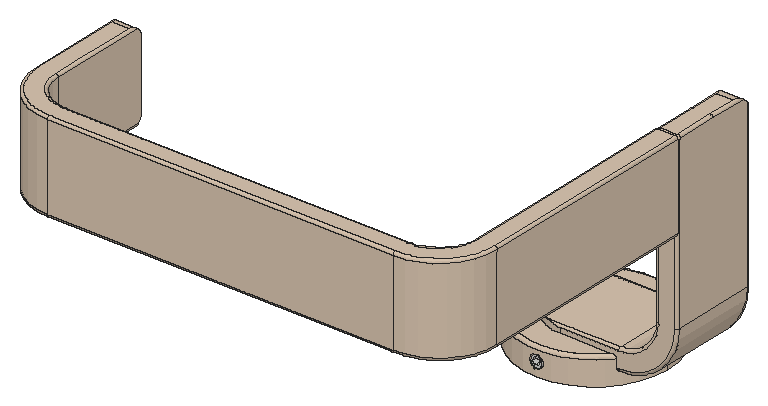
Revit family "Accessory-Towel_Ring-KALLISTA-Guise-P34247", category Specialty Equipment, host Face, Revit 2021
Family settings
  Host = Face
  Round Connector Dimension = Use Diameter
  Part Type = Normal
  OmniClass Number = 23.31.25.25
  OmniClass Title = Towel Bars
  Cut with Voids When Loaded = No
  Shared = No
  Room Calculation Point = No
Parameters (values of type "BAF-Brushed French Gold")
  Width = 3.51969"  # constant formula
  WaterSense Certified = 1 = 0  # no
  URL = "https://www.kallista.com/"
  Type = 1
  Product Page URL = ""
  Product Name = "Guise"  # constant formula
  Product Documentation Link = ""
  Model = if(Type = 1, "P34247-00-BAF", if(Type = 2, "P34247-00-BN", if(Type = 3, "P34247-00-CP", if(Type = 4, "P34247-00-PGP", if(Type = 5, "P34247-00-SN", "NA")))))  # "P34247-00-BAF"
  Material = "Premium Metal Construction"  # constant formula
  Master Format 2014 Name = "Toilet, Bath, and Laundry Accessories"  # constant formula
  Master Format 2014 = "10 28 00"  # constant formula
  Manufacturer Address = "444 Highland Dr, Kohler, WI 53044"  # constant formula
  Manufacturer = "Kallista Co."  # constant formula
  Length = 6.62992"  # constant formula
  Height = 5.76772"  # constant formula
  Finish = Kallista-Metal-BAF-Brushed_French_Gold
  Environmental Product Declaration = ""
  Description = "Towel Ring"  # constant formula
  Default Elevation = 42"
  Declare Label = ""
  Date Modified = "07/08/2024"  # constant formula
  Date Created = "07/08/2024"  # constant formula
  Copyright = "Copyright Kallista Co."  # constant formula
  Contact Us = "https://www.kallista.com/corporate/contact-us/"
  Assembly Code = "C1030200"
  ADA Compliant = 1 = 0  # no
Types (6): name | Type | Model | Finish
  (no name) | 1 | "P34247-00-BAF" | Kallista-Metal-BAF-Brushed_French_Gold
  BAF-Brushed French Gold | 1 | "P34247-00-BAF" | Kallista-Metal-BAF-Brushed_French_Gold
  BN-Brushed Nickel | 2 | "P34247-00-BN" | Kallista-Metal-BN-Brushed_Nickel
  CP-Chrome | 3 | "P34247-00-CP" | Kallista-Metal-CP-Chrome
  PGP-Polished Graphite | 4 | "P34247-00-PGP" | Kallista-Metal-PGP-Polished_Graphite
  SN-Polished Nickel | 5 | "P34247-00-SN" | Kallista-Metal-SN-Polished_Nickel
Reference planes (in)
  plane 1 "Center (Front/Back)": y = 0
  plane 2: z = 0
  plane 3 "Center (Left/Right)": x = 0
  plane 4: y = 1.0492126
  plane 5: y = -1.0492126
  plane 6: x = -1.0492126
  plane 7: x = 1.0492126
  plane 8: x = 1.7022724
  plane 9: y = -2.4011382
  plane 10: y = -4.7185039
  plane 11: x = -4.9276489
  plane 12: x = -4.6126882
  plane 13: z = 3.519685
  plane 14: z = 2.2204724
  plane 15: z = 0.3937008
Dimensions and locks (in)
  plane 6 to plane 7 = 2.09843"
  "Height": plane 4 to plane 10
  "Length": plane 11 to plane 8
  plane 11 to plane 12 = 0.31496"
  level to plane 13 = 3.51969"
  plane 14 to plane 13 = 1.29921"
  plane 15 to level = 0.3937"
  "Width": plane 13 to level
  aligned and locked: plane 2 to host face
  aligned and locked: level to host face
  aligned and locked: plane 1 "Center (Front/Back)" to nested 1
  aligned and locked: plane 3 "Center (Left/Right)" to nested 1
Automatic sketch dimensions
  host sketch curve to host sketch curve = 96"  (x2)
Nested families (in)
  nested 1: "P34247" at (0, 0, 0), type "P34247"
Definition of nested family "P34247"
  Parameters
    Material = none
    Default Elevation = 0"
  Reference planes (in)
    plane 1 "Center (Front/Back)": y = 0
    plane 2: z = 0
    plane 3 "Center (Left/Right)": x = 0
    plane 4: y = 1.0492126
    plane 5: y = -1.0492126
    plane 6: x = -1.0492126
    plane 7: x = 1.0492126
    plane 8: y = -4.7185039
    plane 9: x = 1.7022724
    plane 10: x = -4.9276489
    plane 11: z = 0.3937008
    plane 12: z = 3.519685
    plane 13: z = 2.2204724
    plane 14: y = -2.4011382
    plane 15: x = -4.6126882
  Forms (in)
    Sweep 1, solid, material <- "Material", detail levels medium+fine
      path origin (0, 0, 0) x (-1, 0, 0) y (0, 0, -1)
        loop
          line (-1.7072443, -3.519685) -> (-1.7072443, -1.0298069)
          arc (-1.7072443, -1.0298069) -> (-1.4604674, -0.4340346) -> (-0.8646951, -0.1872576) r 0.8425492
          line (-0.8646951, -0.1872576) -> (0.6728117, -0.1872576)
      profile origin (1.7072443, 0, 3.519685) x (0, -1, 0) y (1, 0, 0)
        loop
          line (0.6496063, -0.2749701) -> (0.6496063, -0.04)
          arc (0.6496063, -0.04) -> (0.6378906, -0.0117157) -> (0.6096063, 0) r 0.04
          line (0.6096063, 0) -> (-0.6096063, 0)
          arc (-0.6096063, 0) -> (-0.6378906, -0.0117157) -> (-0.6496063, -0.04) r 0.04
          line (-0.6496063, -0.04) -> (-0.6496063, -0.2749701)
          arc (-0.6496063, -0.2749701) -> (-0.6378906, -0.3032543) -> (-0.6096063, -0.3149701) r 0.04
          line (-0.6096063, -0.3149701) -> (0.6096063, -0.3149701)
          arc (0.6096063, -0.3149701) -> (0.6378906, -0.3032543) -> (0.6496063, -0.2749701) r 0.04
    Extrusion 2, void
      sketch origin (0, 0, 0) x (-1, 0, 0) y (0, -1, 0)
        loop
          line (-0.0208232, -0.6496063) -> (-0.9469233, -0.6496063) -> (-0.9469233, -0.9043949) -> (1.3315312, -0.9043949) -> (1.3315312, 0.9134536) -> (-0.8338232, 0.9134536) -> (-0.8338232, 0.6496063) -> (-0.0208232, 0.6496063)
          arc (-0.0208232, 0.6496063) -> (0.6287831, 0) -> (-0.0208232, -0.6496063) r 0.6496063
      from 0 to 0.917236
    Revolve 3, solid, material <- "Material", detail levels medium+fine
      sketch origin (0, 0, 0) x (1, 0, 0) y (0, 0, 1)
        loop
          line (0, 0) -> (1.0492126, 0) -> (1.0492126, 0.3464567)
          arc (1.0492126, 0.3464567) -> (1.0353751, 0.3798633) -> (1.0019685, 0.3937008) r 0.0472441
          line (1.0019685, 0.3937008) -> (0, 0.3937008) -> (0, 0)
        axis (0, 0) -> (0, 0.3937008)
      angle from 0 to 360
    Extrusion 4, void
      sketch origin (0, 0, 0.0184547) x (1, 0, 0) y (0, 0, 1)
        loop
          circle (0, 0.1790551) r 0.0984252
      from 0.7580689 to 1.1561268
    Revolve 5, solid, material <- "Material", detail levels coarse
      sketch origin (0, 0, 0) x (1, 0, 0) y (0, 0, 1)
        loop
          line (0, 0) -> (1.0492126, 0) -> (1.0492126, 0.3937008) -> (0, 0.3937008) -> (0, 0)
        axis (0, 0) -> (0, 0.3937008)
      angle from 0 to 360
    Extrusion 6, void
      sketch origin (0, 0, 0) x (0, 1, 0) y (0, 0, 1)
        loop
          line (-0.0137296, 3.519685) -> (0.4035433, 3.519685)
          arc (0.4035433, 3.519685) -> (0.5775361, 3.4476149) -> (0.6496063, 3.273622) r 0.246063
          line (0.6496063, 3.273622) -> (0.6496063, 3.0501445) -> (0.8948464, 3.0501445) -> (0.8948464, 3.7738943) -> (-0.0137296, 3.7738943) -> (-0.0137296, 3.519685)
      from 1.1194481 to 2.0767627
    Sweep 7, void
      path origin (0, 0, 0) x (1, 0, 0) y (0, 1, 0)
        loop
          line (1.3922742, 0.7480315) -> (1.3922742, -0.0137296) -> (1.3922742, -0.6096063)
          arc (1.3922742, -0.6096063) -> (1.40399, -0.6378906) -> (1.4322742, -0.6496063) r 0.04
          line (1.4322742, -0.6496063) -> (1.6672443, -0.6496063)
          arc (1.6672443, -0.6496063) -> (1.6955286, -0.6378906) -> (1.7072443, -0.6096063) r 0.04
          line (1.7072443, -0.6096063) -> (1.7072443, -0.0137296) -> (1.7072443, 0.7480315)
      profile origin (1.5497593, -0.6496063, 0) x (0, 1, 0) y (0, 0, 1)
        loop
          arc (0, 3.4798703) -> (0.0116615, 3.5080236) -> (0.0398147, 3.519685) r 0.0398147
          line (0.0398147, 3.519685) -> (0, 3.519685) -> (0, 3.4798703)
    Sweep 8, solid, material <- "Material", detail levels medium+fine
      path origin (0, 0, 0) x (1, 0, 0) y (0, 1, 0)
        loop
          line (1.7020418, -0.6494543) -> (1.7020418, -3.8917365)
          arc (1.7020418, -3.8917365) -> (1.459886, -4.4763523) -> (0.8752701, -4.7185081) r 0.8267717
          line (0.8752701, -4.7185081) -> (-4.1008772, -4.7185081)
          arc (-4.1008772, -4.7185081) -> (-4.6854931, -4.4763523) -> (-4.9276489, -3.8917365) r 0.8267717
          line (-4.9276489, -3.8917365) -> (-4.9276489, -2.4011382)
      profile origin (-4.9276489, -3.1464374, 0) x (1, 0, 0) y (0, 0, 1)
        loop
          arc (0.3131403, 3.4827072) -> (0.301609, 3.5105461) -> (0.2737702, 3.5220773) r 0.0393701
          line (0.2737702, 3.5220773) -> (0.0375459, 3.5220773)
          arc (0.0375459, 3.5220773) -> (0.009707, 3.5105461) -> (-0.0018242, 3.4827072) r 0.0393701
          line (-0.0018242, 3.4827072) -> (-0.0018242, 2.2614016)
          arc (-0.0018242, 2.2614016) -> (0.009707, 2.2335627) -> (0.0375459, 2.2220315) r 0.0393701
          line (0.0375459, 2.2220315) -> (0.2737702, 2.2220315)
          arc (0.2737702, 2.2220315) -> (0.301609, 2.2335627) -> (0.3131403, 2.2614016) r 0.0393701
          line (0.3131403, 2.2614016) -> (0.3131403, 3.4827072)
    Extrusion 9, void
      sketch origin (0, 0, 0) x (0, 1, 0) y (0, 0, 1)
        loop
          arc (-2.5586186, 3.5220773) -> (-2.4472632, 3.4759524) -> (-2.4011382, 3.364597) r 0.1574803
          line (-2.4011382, 3.364597) -> (-2.4011382, 2.3795118)
          arc (-2.4011382, 2.3795118) -> (-2.4472632, 2.2681564) -> (-2.5586186, 2.2220315) r 0.1574803
          line (-2.5586186, 2.2220315) -> (-3.506056, 2.2220315) -> (-3.506056, 1.894014) -> (-1.9977769, 1.894014) -> (-1.9977769, 3.9157781) -> (-3.43651, 3.9157781) -> (-3.43651, 3.5220773) -> (-2.5586186, 3.5220773)
      from -5.4226042 to -4.1062493
    Sweep 10, solid, material <- "Material", detail levels coarse
      path origin (0.0001986, 0, 0) x (-1, 0, 0) y (0, 0, -1)
        loop
          line (-1.7072443, -3.519685) -> (-1.7072443, -1.0298069)
          arc (-1.7072443, -1.0298069) -> (-1.4604674, -0.4340346) -> (-0.8646951, -0.1872576) r 0.8425492
          line (-0.8646951, -0.1872576) -> (0.6728117, -0.1872576)
      profile origin (1.7074429, 0, 3.519685) x (0, -1, 0) y (1, 0, 0)
        loop
          line (0.6496063, -0.3149701) -> (0.6496063, 0) -> (-0.6496063, 0) -> (-0.6496063, -0.3149701) -> (0.6496063, -0.3149701)
    Extrusion 11, solid, material <- "Material", detail levels coarse
      sketch origin (0, 0, 0) x (1, 0, 0) y (0, 1, 0)
        loop
          line (1.7074429, -3.8935611) -> (1.7074429, 0.6496063) -> (1.3924729, 0.6496063) -> (1.3924729, -3.8935565)
          arc (1.3924729, -3.8935565) -> (1.2425669, -4.2554615) -> (0.8806618, -4.4053675) r 0.511811
          line (0.8806618, -4.4053675) -> (-4.1026976, -4.4053675)
          arc (-4.1026976, -4.4053675) -> (-4.4646026, -4.2554615) -> (-4.6145086, -3.8935565) r 0.511811
          line (-4.6145086, -3.8935565) -> (-4.6145086, -2.4011382) -> (-4.9294731, -2.4011382) -> (-4.9294731, -3.8935611)
          arc (-4.9294731, -3.8935611) -> (-4.6873173, -4.4781769) -> (-4.1027014, -4.7203327) r 0.8267717
          line (-4.1027014, -4.7203327) -> (0.8806713, -4.7203327)
          arc (0.8806713, -4.7203327) -> (1.4652871, -4.4781769) -> (1.7074429, -3.8935611) r 0.8267717
      from 2.2220768 to 3.5220773
    Extrusion 12, solid, detail levels medium+fine
      sketch origin (0, 0, 0) x (1, 0, 0) y (0, 0, 1)
        loop
          circle (0, 0.1975098) r 0.0787402
        loop
          line (-0.0284129, 0.2467224) -> (-0.0568258, 0.1975098) -> (-0.0284129, 0.1482972) -> (0.0284129, 0.1482972) -> (0.0568258, 0.1975098) -> (0.0284129, 0.2467224) -> (-0.0284129, 0.2467224)
      from 0.9251814 to 1.0492126
  Cuts and joins
    Extrusion 2, Extrusion 6, Sweep 7 cuts Sweep 1
    Extrusion 4 cuts Revolve 3
    joined: Sweep 1, Revolve 3
    Extrusion 9 cuts Sweep 8
    Extrusion 2 cuts Sweep 10
    Extrusion 9 cuts Extrusion 11
    joined: Revolve 5, Sweep 10, Extrusion 11
  Lines and regions (in)
    Masking region 1
      outline origin (0, 0, 0) x (1, 0, 0) y (0, 1, 0)
        loop
          arc (0, 1.0492126) -> (-0.7419053, 0.7419053) -> (-1.0492126, 0) r 1.0492126
          arc (-1.0492126, 0) -> (-0.7419053, -0.7419053) -> (0, -1.0492126) r 1.0492126
          arc (0, -1.0492126) -> (0.4333144, -0.9555552) -> (0.7892696, -0.6913035) r 1.0492126
          arc (0.7892696, -0.6913035) -> (0.8293396, -0.6615566) -> (0.878118, -0.6510135) r 0.1181102
          line (0.878118, -0.6510135) -> (1.4069968, -0.6510135)
          arc (1.4069968, -0.6510135) -> (1.3930774, -0.6567792) -> (1.3873118, -0.6706986) r 0.019685
          line (1.3873118, -0.6706986) -> (1.3873118, -3.9114173)
          arc (1.3873118, -3.9114173) -> (1.2431714, -4.2594029) -> (0.8951858, -4.4035433) r 0.492126
          line (0.8951858, -4.4035433) -> (-4.1205623, -4.4035433)
          arc (-4.1205623, -4.4035433) -> (-4.4685479, -4.2594029) -> (-4.6126882, -3.9114173) r 0.492126
          line (-4.6126882, -3.9114173) -> (-4.6126882, -2.4408601)
          arc (-4.6126882, -2.4408601) -> (-4.6242195, -2.4130212) -> (-4.6520583, -2.40149) r 0.0393701
          line (-4.6520583, -2.40149) -> (-4.8882788, -2.40149)
          arc (-4.8882788, -2.40149) -> (-4.9161176, -2.4130212) -> (-4.9276489, -2.4408601) r 0.0393701
          line (-4.9276489, -2.4408601) -> (-4.9276489, -3.8917323)
          arc (-4.9276489, -3.8917323) -> (-4.6854931, -4.4763481) -> (-4.1008772, -4.7185039) r 0.8267717
          line (-4.1008772, -4.7185039) -> (0.8755007, -4.7185039)
          arc (0.8755007, -4.7185039) -> (1.4601166, -4.4763481) -> (1.7022724, -3.8917323) r 0.8267717
          line (1.7022724, -3.8917323) -> (1.7022724, -0.6741498)
          arc (1.7022724, -0.6741498) -> (1.6857348, -0.6572258) -> (1.6629023, -0.6510135) r 0.0450654
          arc (1.6629023, -0.6510135) -> (1.6907412, -0.6394823) -> (1.7022724, -0.6116435) r 0.0393701
          line (1.7022724, -0.6116435) -> (1.7022724, 0.6116435)
          arc (1.7022724, 0.6116435) -> (1.6907412, 0.6394823) -> (1.6629023, 0.6510135) r 0.0393701
          line (1.6629023, 0.6510135) -> (0.878118, 0.6510135)
          arc (0.878118, 0.6510135) -> (0.8293396, 0.6615566) -> (0.7892696, 0.6913035) r 0.1181102
          arc (0.7892696, 0.6913035) -> (0.4333144, 0.9555552) -> (0, 1.0492126) r 1.0492126
    Masking region 2
      outline origin (0, 0, 0) x (0, 1, 0) y (0, 0, 1)
        loop
          line (1.0492126, 0) -> (1.0492126, 0.3543307)
          arc (1.0492126, 0.3543307) -> (1.0376814, 0.3821696) -> (1.0098425, 0.3937008) r 0.0393701
          line (1.0098425, 0.3937008) -> (0.7226614, 0.3937008)
          arc (0.7226614, 0.3937008) -> (0.67118, 0.4150251) -> (0.6498557, 0.4665064) r 0.0728056
          line (0.6498557, 0.4665064) -> (0.6498557, 3.273622)
          arc (0.6498557, 3.273622) -> (0.5777856, 3.4476149) -> (0.4037928, 3.519685) r 0.246063
          line (0.4037928, 3.519685) -> (-0.6100708, 3.519685)
          arc (-0.6100708, 3.519685) -> (-0.6379096, 3.5081538) -> (-0.6494408, 3.480315) r 0.0393701
          arc (-0.6494408, 3.480315) -> (-0.6609721, 3.5081538) -> (-0.6888109, 3.519685) r 0.0393701
          line (-0.6888109, 3.519685) -> (-4.6791339, 3.519685)
          arc (-4.6791339, 3.519685) -> (-4.7069727, 3.5081538) -> (-4.7185039, 3.480315) r 0.0393701
          line (-4.7185039, 3.480315) -> (-4.7185039, 2.25)
          arc (-4.7185039, 2.25) -> (-4.7098555, 2.2291209) -> (-4.6889764, 2.2204724) r 0.0295276
          line (-4.6889764, 2.2204724) -> (-0.6789684, 2.2204724)
          arc (-0.6789684, 2.2204724) -> (-0.6580893, 2.2291209) -> (-0.6494408, 2.25) r 0.0295276
          line (-0.6494408, 2.25) -> (-0.6494408, 0.4665064)
          arc (-0.6494408, 0.4665064) -> (-0.67118, 0.4150251) -> (-0.7226614, 0.3937008) r 0.0728056
          line (-0.7226614, 0.3937008) -> (-1.0098425, 0.3937008)
          arc (-1.0098425, 0.3937008) -> (-1.0376814, 0.3821696) -> (-1.0492126, 0.3543307) r 0.0393701
          line (-1.0492126, 0.3543307) -> (-1.0492126, 0) -> (1.0492126, 0)
    Masking region 3
      outline origin (0, 0, 0) x (1, 0, 0) y (0, 0, 1)
        loop
          line (1.0492126, 0) -> (1.0492126, 0.1416222)
          arc (1.0492126, 0.1416222) -> (1.0719828, 0.2113381) -> (1.1315137, 0.2541732) r 0.1181102
          arc (1.1315137, 0.2541732) -> (1.5452298, 0.552423) -> (1.7022724, 1.0376565) r 0.8191023
          line (1.7022724, 1.0376565) -> (1.7022724, 3.480315)
          arc (1.7022724, 3.480315) -> (1.6907412, 3.5081538) -> (1.6629023, 3.519685) r 0.0393701
          line (1.6629023, 3.519685) -> (-4.8882788, 3.519685)
          arc (-4.8882788, 3.519685) -> (-4.9161176, 3.5081538) -> (-4.9276489, 3.480315) r 0.0393701
          line (-4.9276489, 3.480315) -> (-4.9276489, 2.2598425)
          arc (-4.9276489, 2.2598425) -> (-4.9161176, 2.2320037) -> (-4.8882788, 2.2204724) r 0.0393701
          line (-4.8882788, 2.2204724) -> (1.3873118, 2.2204724) -> (1.3873118, 1.0246074)
          arc (1.3873118, 1.0246074) -> (1.2431714, 0.6766218) -> (0.8951858, 0.5324814) r 0.492126
          line (0.8951858, 0.5324814) -> (-0.6108095, 0.5324814)
          arc (-0.6108095, 0.5324814) -> (-0.6383745, 0.5210636) -> (-0.6497923, 0.4934986) r 0.0389828
          line (-0.6497923, 0.4934986) -> (-0.6497923, 0.4625984)
          arc (-0.6497923, 0.4625984) -> (-0.669972, 0.4138804) -> (-0.71869, 0.3937008) r 0.0688976
          line (-0.71869, 0.3937008) -> (-1.0098425, 0.3937008)
          arc (-1.0098425, 0.3937008) -> (-1.0376814, 0.3821696) -> (-1.0492126, 0.3543307) r 0.0393701
          line (-1.0492126, 0.3543307) -> (-1.0492126, 0) -> (1.0492126, 0)
    symbolic lines, detail levels medium+fine
      curve 1: line (1.6629023, -0.6510135, 0) -> (1.4069968, -0.6510135, 0)
      curve 2: line (0.878118, 0.6510135, 0) -> (-0.0007808, 0.6510135, 0)
      curve 3: line (0.878118, -0.6510135, 0) -> (-0.0007808, -0.6510135, 0)
      curve 4: arc (-0.0007808, 0.6510135, 0) -> (-0.6517944, 0, 0) -> (-0.0007808, -0.6510135, 0) r 0.6510135
      curve 5: line (1.3862446, 0.6091589, 0) -> (1.3862446, -0.6065882, 0)
      curve 6: arc (1.3862446, -0.6065882, 0) -> (1.3916884, -0.6311048, 0) -> (1.4069968, -0.6510135, 0) r 0.0579279
      curve 7: arc (1.4116754, 0.6510135, 0) -> (1.3931007, 0.6336464, 0) -> (1.3862446, 0.6091589, 0) r 0.047158
      curve 8: line (1.3862446, 0.6091589, 0) -> (0.0013593, 0.6091589, 0)
      curve 9: line (1.3862446, -0.6065882, 0) -> (0.0013593, -0.6065882, 0)
      curve 10: arc (0.0013593, 0.6091589, 0) -> (-0.6065143, 0.0012854, 0) -> (0.0013593, -0.6065882, 0) r 0.6078736
      curve 11: arc (-0.0078679, 0.9910052, 0) -> (-1.0130153, 0.0054727, 0) -> (-0.0188128, -0.9911, 0) r 0.9911049
      curve 12: arc (-0.0188128, -0.9911, 0) -> (0.4069881, -0.9017533, 0) -> (0.7625425, -0.6510135, 0) r 1.0753979
      curve 13: arc (0.7723256, 0.6510135, 0) -> (0.4164039, 0.8994323, 0) -> (-0.0078679, 0.9910052, 0) r 1.1011179
      curve 14: line (1.4116754, 0.6510135, 0) -> (1.4116754, -0.6510135, 0)
      curve 15: line (1.6629023, -0.6510135, 0) -> (1.6629023, 0.6510135, 0)
      curve 16: line (1.6629023, -0.6510135, 0) -> (1.6629023, -3.9249015, 0)
      curve 17: line (-4.8882788, -2.40149, 0) -> (-4.8882788, -3.8917323, 0)
      curve 18: line (0.9086699, -4.6791339, 0) -> (-4.1008772, -4.6791339, 0)
      curve 19: arc (-4.8882788, -3.8917323, 0) -> (-4.6576542, -4.4485093, 0) -> (-4.1008772, -4.6791339, 0) r 0.7874016
      curve 20: arc (1.6629023, -3.9249015, 0) -> (1.4419928, -4.4582243, 0) -> (0.9086699, -4.6791339, 0) r 0.7542324
      curve 21: line (1.4116754, -0.6510135, 0) -> (1.4116754, -3.9179174, 0)
      curve 22: line (-4.6520583, -2.40149, 0) -> (-4.6520583, -3.8909017, 0)
      curve 23: line (0.8866794, -4.4429134, 0) -> (-4.1000466, -4.4429134, 0)
      curve 24: arc (-4.6520583, -3.8909017, 0) -> (-4.4903778, -4.2812329, 0) -> (-4.1000466, -4.4429134, 0) r 0.5520117
      curve 25: arc (1.4116754, -3.9179174, 0) -> (1.2579076, -4.2891456, 0) -> (0.8866794, -4.4429134, 0) r 0.5249959
      curve 26: line (0.7017592, 0.718539, 0) -> (-0.0060045, 0.718539, 0)
      curve 27: line (0.6934306, -0.7184324, 0) -> (-0.0060045, -0.7184324, 0)
      curve 28: arc (-0.0060045, 0.718539, 0) -> (-0.7244902, 0.0000533, 0) -> (-0.0060045, -0.7184324, 0) r 0.7184857
      curve 29: arc (0.7892696, -0.6913035, 0) -> (0.7432329, -0.7115195, 0) -> (0.6934306, -0.7184324, 0) r 0.1828513
      curve 30: arc (0.7892696, 0.6913035, 0) -> (0.7475845, 0.7115728, 0) -> (0.7017592, 0.718539, 0) r 0.1542078
      curve 31: line (0, -0.6494408, 3.480315) -> (0, -0.6494408, 2.25)
      curve 32: line (0, -2.399504, 3.367536) -> (0, -2.399504, 2.3673828)
      curve 33: arc (0, -2.5231106, 3.519685) -> (0, -2.4828039, 3.5052246) -> (0, -2.4479723, 3.480315) r 0.1554444
      curve 34: arc (0, -2.399504, 2.3673828) -> (0, -2.4147929, 2.3019193) -> (0, -2.4574966, 2.25) r 0.1477935
      curve 35: line (0, 1.0492126, 0.3543307) -> (0, -1.0492126, 0.3543307)
      curve 36: line (0, 0.7226614, 0.3937008) -> (0, -0.7226614, 0.3937008)
      curve 37: line (0, 0.6498557, 0.4665064) -> (0, -0.6498557, 0.4665064)
      curve 38: line (0, 0.6040925, 0.5331721) -> (0, -0.6021647, 0.5331721)
      curve 39: arc (0, -0.6021647, 0.5331721) -> (0, -0.6296159, 0.5256726) -> (0, -0.6494408, 0.5052574) r 0.0539906
      curve 40: arc (0, 0.6498557, 0.4974118) -> (0, 0.6331316, 0.5231718) -> (0, 0.6040925, 0.5331721) r 0.0471623
      curve 41: line (0, -0.6021647, 0.5331721) -> (0, -0.6021647, 3.519685)
      curve 42: line (0, 0.6040925, 0.5331721) -> (0, 0.6040925, 3.2740716)
      curve 43: line (0, -0.6494408, 3.480315) -> (0, 0.3978491, 3.480315)
      curve 44: arc (0, 0.3978491, 3.480315) -> (0, 0.5436852, 3.4199077) -> (0, 0.6040925, 3.2740716) r 0.2062434
      curve 45: arc (0, -2.4479723, 3.480315) -> (0, -2.4121342, 3.4289125) -> (0, -2.399504, 3.367536) r 0.1554444
      curve 46: line (0, -0.6494408, 3.480315) -> (0, -2.4479723, 3.480315)
      curve 47: line (0, -0.6494408, 2.25) -> (0, -2.4574966, 2.25)
      curve 48: arc (0, -2.4574966, 2.25) -> (0, -2.4923115, 2.2301988) -> (0, -2.5311646, 2.2204724) r 0.1477935
      curve 49: line (0, -4.7185039, 3.480315) -> (0, -2.5765038, 3.480315)
      curve 50: line (0, -4.7185039, 2.25) -> (0, -2.5546733, 2.25)
      curve 51: line (0, 0.6498557, 1.0315873) -> (0, -0.6494408, 1.0315873)
      curve 52: line (0, -2.4412756, 3.3450868) -> (0, -2.4412756, 2.3633977)
      curve 53: arc (0, -2.5765038, 3.480315) -> (0, -2.480883, 3.4407076) -> (0, -2.4412756, 3.3450868) r 0.1352281
      curve 54: arc (0, -2.4412756, 2.3633977) -> (0, -2.474489, 2.2832134) -> (0, -2.5546733, 2.25) r 0.1133977
      curve 55: line (1.3873118, 0, 2.2204724) -> (1.3873118, 0, 3.4850749)
      curve 56: arc (1.3873118, 0, 3.4850749) -> (1.3950191, 0, 3.5071731) -> (1.4147975, 0, 3.519685) r 0.0355334
      curve 57: line (-0.6497923, 0, 0.4934986) -> (0.8784782, 0, 0.4934986)
      curve 58: line (1.4288305, 0, 1.0438509) -> (1.4288305, 0, 3.519685)
      curve 59: arc (0.8784782, 0, 0.4934986) -> (1.2676361, 0, 0.654693) -> (1.4288305, 0, 1.0438509) r 0.5503523
      curve 60: line (1.6629023, 0, 3.519685) -> (1.6629023, 0, 1.0288536)
      curve 61: line (0.7938876, 0, 0.2567467) -> (0.7938876, 0, 0.3541517)
      curve 62: line (0.7364699, 0, 0.3937008) -> (-0.71869, 0, 0.3937008)
      curve 63: arc (0.7938876, 0, 0.3541517) -> (0.7713301, 0, 0.3828568) -> (0.7364699, 0, 0.3937008) r 0.0614542
      curve 64: line (-1.0492126, 0, 0.3543307) -> (0.7938876, 0, 0.3541517)
      curve 65: arc (1.0492126, 0, 0.1416222) -> (0.9749549, 0, 0.1191725) -> (0.8988497, 0, 0.1041325) r 0.7880808
      curve 66: arc (0.8988497, 0, 0.1041325) -> (0.8605628, 0, 0.109403) -> (0.8310564, 0, 0.1343637) r 0.0692818
      curve 67: arc (0.8310564, 0, 0.1343637) -> (0.803501, 0, 0.1928306) -> (0.7938876, 0, 0.2567467) r 0.2227943
      curve 68: arc (1.6629023, 0, 1.0288536) -> (1.5173382, 0, 0.5795323) -> (1.1359511, 0, 0.3009245) r 0.7662554
      curve 69: arc (1.1359511, 0, 0.3009245) -> (0.9670149, 0, 0.2626095) -> (0.7938876, 0, 0.2567467) r 0.9170519
      curve 70: line (-4.6126882, 0, 3.4805524) -> (-4.6126882, 0, 2.2598425)
      curve 71: arc (-4.6402344, 0, 3.519685) -> (-4.6204446, 0, 3.5043551) -> (-4.6126939, 0, 3.4805524) r 0.0425661
      curve 72: arc (-4.6126908, 0, 2.2598425) -> (-4.6235389, 0, 2.2324267) -> (-4.6504908, 0, 2.2204724) r 0.0389393
      curve 73: line (-4.9276489, 0, 2.2598425) -> (1.3873118, 0, 2.2598425)
      curve 74: line (-4.9276489, 0, 3.480315) -> (1.3873118, 0, 3.4850749)
      curve 75: line (-4.6504908, 0, 3.519685) -> (-4.6504908, 0, 2.2204724)
      curve 76: line (-4.8882788, 0, 2.2204724) -> (-4.8882788, 0, 3.519685)
  Dimensions and locks (in)
    aligned and locked: plane 2 to level
    aligned and locked: plane 6 to Masking region 1 sketch curve
